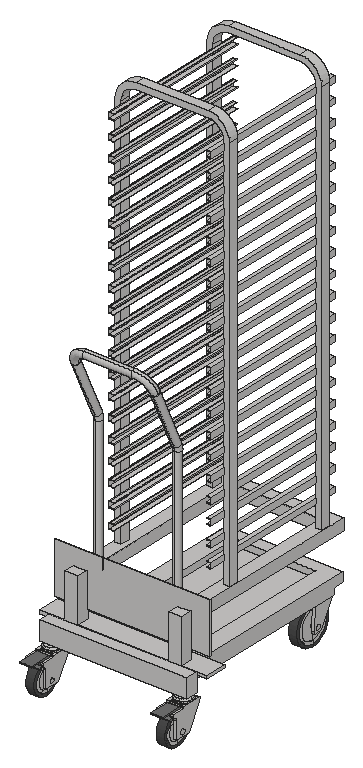
Revit family "QF_ELECTROLUXPROFESSIONAL_922753_TRRA201163C", category Specialty Equipment, Revit 2018
Family settings
  Round Connector Dimension = Use Diameter
  Part Type = Normal
  Work Plane-Based = No
  Always vertical = Yes
  Cut with Voids When Loaded = No
  Shared = No
  Room Calculation Point = No
Parameters (values of type "Standard")
  Weight = 46.00 kg
  Watts = 0 W
  Volts = 0 V
  URL Manufacturer = "http://professional.electrolux.com"
  URL = "http://professional.electrolux.com"
  Steam Supply Size = 0 mm
  Steam Supply Minimum Pressure = 0.0 Pa
  Steam Supply Maximum Pressure = 0.0 Pa
  Steam Pounds per Hour = 0
  Refrigeration Suction Line Size = 0 mm
  Refrigeration Liquid Line Size = 0 mm
  Refrigerant Compressor Remote = yes
  Manufacturer = "Electrolux Professional"
  Phase = 0
  Model = "TRRA201163C"
  Length Actual = 545.0 mm  # constant formula
  Item Number = "922753"
  Hot Water Size = 0 mm
  Height Actual = 1700.0 mm  # constant formula
  HP = "0 HP"
  Gas Size = 0 mm
  Gas KW = 0
  Gas Input Pressure = 0 W
  Description = "TROLLEY TRAY RACK 20 GN 1/1 - 63MM PITCH"
  Depth Actual = 790.0 mm  # constant formula
  Cycle = 0 Hz
  Condensate Return Size = 0 mm
  Compressed Air Volume = 0.0 L/s
  Compressed Air Size = 0 mm
  Compressed Air Pressure = 0.0 Pa
  Cold Water Size = 0 mm
  Accessory = yes
Reference planes
  plane 1 "Center (Front/Back)": y = 0
  plane 2: z = 0
  plane 3 "Center (Left/Right)": x = 0
  plane 4 "BASE": z = 125
  plane 5 "TOP": z = 1700
  plane 6 "FRONT": y = -505.5
  plane 7 "BACK": y = 282.5
  plane 8 "PLANE": z = 160
  plane 9 "Manopola": through (4267.2, -378.699, 921.588) normal (0, 0.9063, 0.4226)
  plane 10 "Accessorioes": z = 647
  plane 11 "M1": y = 212.505
  plane 12 "M2": y = -161.495
  plane 13: z = 1044
  plane 14 "man1": x = -128.996
  plane 15 "man2": x = 128.996
  plane 16: y = -439.495
  plane 17: y = 180.505
  plane 18: x = -272
  plane 19: x = 272
  plane 20: y = 72.905
  plane 21: x = -212.5
  plane 22: x = 212.5
Forms (mm)
  Sweep 1, solid, material "QF_Finishes_Stainless Steel"
    path origin (0, -51.81, 222.029) x (0, -0.422618, 0.906308) y (1, 0, 0)
      loop
        line (840.501, 128.996) -> (843.657, 128.996)
        arc (843.657, 128.996) -> (879.012, 114.351) -> (893.657, 78.996) r 50
        line (893.657, 78.996) -> (893.657, -78.996)
        arc (893.657, -78.996) -> (879.012, -114.351) -> (843.657, -128.996) r 50
        line (843.657, -128.996) -> (840.501, -128.996)
    profile origin (0, -429.485, 1031.957) x (0, -0.422618, 0.906308) y (0, 0.906308, 0.422618)
      loop
        circle (0, -0.616) r 12
  Extrusion 2, solid, material "QF_Finishes_Stainless Steel"
    sketch origin (0, 0, 0) x (0, 1, 0) y (0, 0, 1)
      loop
        line (-375.959, 195.424) -> (-415.959, 195.424) -> (-415.959, 133.5) -> (-375.959, 133.5) -> (-375.959, 195.424)
    from -240.004 to 239.996
  Extrusion 3, solid, material "QF_Finishes_Stainless Steel"
    sketch origin (0, 0, 160) x (0, 1, 0) y (-1, 0, 0)
      loop
        line (-375.959, -188.97) -> (-335.959, -188.97) -> (-335.959, -149.246) -> (-375.959, -149.246) -> (-375.959, -188.97)
      loop
        line (-375.959, 189.004) -> (-375.959, 149.004) -> (-335.959, 149.004) -> (-335.959, 189.004) -> (-375.959, 189.004)
    from 21 to 178
  Extrusion 4, solid, material "QF_Finishes_Stainless Steel"
    sketch origin (0, 0, 160) x (0, 1, 0) y (-1, 0, 0)
      loop
        line (282.5, -149.246) -> (-334.855, -149.246) -> (-334.855, -188.97) -> (282.5, -188.97) -> (282.5, -149.246)
      loop
        line (282.5, 149.004) -> (282.5, 189.004) -> (-335.959, 189.004) -> (-335.959, 149.004) -> (282.5, 149.004)
    from 139.5 to 178
  Extrusion 5, solid, material "QF_Finishes_Stainless Steel"
    sketch origin (115.511, 0, 0) x (0, 1, 0) y (0, 0, -1)
      loop
        line (281.005, -150.5) -> (250.291, -150.5)
        spline (250.291, -150.5) -> (249.645, -150.457) -> (249.01, -150.329) -> (248.397, -150.118) -> (247.817, -149.828) -> (247.279, -149.464) -> (246.792, -149.031) -> (246.366, -148.538) -> (246.007, -147.993) -> (245.722, -147.405) -> (245.515, -146.784) -> (245.39, -146.141) -> (245.349, -145.488)
        line (245.349, -145.488) -> (245.349, -134.506)
        spline (245.349, -134.506) -> (245.308, -133.853) -> (245.182, -133.211) -> (244.975, -132.591) -> (244.69, -132.004) -> (244.331, -131.459) -> (243.904, -130.967) -> (243.418, -130.535) -> (242.881, -130.171) -> (242.301, -129.881) -> (241.688, -129.671) -> (241.054, -129.543) -> (240.408, -129.5)
        line (240.408, -129.5) -> (-375.959, -129.5) -> (-375.959, -181) -> (281.005, -181) -> (281.005, -150.5)
    from 304.516 to 247.5
  Extrusion 6, solid, material "QF_Finishes_Stainless Steel"
    sketch origin (0, 0, 0) x (0, 1, 0) y (0, 0, 1)
      loop
        line (242.5, 299.5) -> (282.5, 299.5) -> (282.5, 338) -> (242.5, 338) -> (242.5, 299.5)
    from -189.004 to 188.996
  Sweep 7, solid, material "QF_Finishes_Stainless Steel"
    path origin (-128.996, 0, -8) x (0, 1, 0) y (0, 0, 1)
      loop
        line (-407.579, 991.521) -> (-320.757, 805.332)
        arc (-320.757, 805.332) -> (-317.538, 795.848) -> (-316.447, 785.891) r 46
        line (-316.447, 785.891) -> (-316.447, 346)
    profile origin (-128.996, -364.168, 890.426) x (0, 0.906308, 0.422618) y (1, 0, 0)
      loop
        circle (0, 0) r 12
  Sweep 8, solid, material "QF_Finishes_Stainless Steel"
    path origin (128.996, 0, -8) x (0, 1, 0) y (0, 0, 1)
      loop
        line (-407.579, 991.521) -> (-320.757, 805.332)
        arc (-320.757, 805.332) -> (-317.538, 795.848) -> (-316.447, 785.891) r 46
        line (-316.447, 785.891) -> (-316.447, 346)
    profile origin (128.996, -364.168, 890.426) x (0, 0.906308, 0.422618) y (1, 0, 0)
      loop
        circle (0, 0) r 12
  Extrusion 9, solid, material "QF_Finishes_Stainless Steel"
    sketch origin (0, -3.54, 125) x (-1, 0, 0) y (0, -1, 0)
      loop
        line (252.004, 331.46) -> (252.004, 335.959) -> (-252.004, 335.959) -> (-252.004, 331.46) -> (252.004, 331.46)
    from 102.147 to 267.893
  Extrusion 10, solid, material "QF_Finishes_Stainless Steel"
    sketch origin (0, 0, 0) x (0, 1, 0) y (0, 0, 1)
      loop
        line (-331.381, 299.5) -> (-298.959, 299.5) -> (-298.959, 338) -> (-331.381, 338) -> (-331.381, 299.5)
    from -189.004 to 188.996
  Extrusion 11, solid, material "QF_Finishes_Stainless Steel"
    sketch origin (0, 0, 125) x (-1, 0, 0) y (0, -1, 0)
      loop
        line (131.989, -281.005) -> (131.989, 375.959) -> (-131.989, 375.959) -> (-131.989, -281.005) -> (131.989, -281.005)
    from 35 to 25.5
  Sweep 12, solid, material "QF_Finishes_Stainless Steel"
    path origin (0, 212.505, 0) x (0, 0, 1) y (-1, 0, 0)
      loop
        line (338, 176.55) -> (1630, 176.55)
        arc (1630, 176.55) -> (1672.426, 158.976) -> (1690, 116.55) r 60
        line (1690, 116.55) -> (1690, -117.05)
        arc (1690, -117.05) -> (1672.426, -159.476) -> (1630, -177.05) r 60
        line (1630, -177.05) -> (338, -177.05)
    profile origin (0.25, 212.505, 1690) x (0, 0, 1) y (0, -1, 0)
      loop
        line (10, -14.995) -> (10, 14.995) -> (-10, 14.995) -> (-10, -14.995) -> (10, -14.995)
  Sweep 13, solid, material "QF_Finishes_Stainless Steel"
    path origin (0, -161.495, 0) x (0, 0, 1) y (-1, 0, 0)
      loop
        line (338, 176.55) -> (1630, 176.55)
        arc (1630, 176.55) -> (1672.426, 158.976) -> (1690, 116.55) r 60
        line (1690, 116.55) -> (1690, -117.05)
        arc (1690, -117.05) -> (1672.426, -159.476) -> (1630, -177.05) r 60
        line (1630, -177.05) -> (338, -177.05)
    profile origin (0.25, -161.495, 1690) x (0, 0, 1) y (0, -1, 0)
      loop
        line (10, -14.995) -> (10, 14.995) -> (-10, 14.995) -> (-10, -14.995) -> (10, -14.995)
  Revolve 14, solid, material "QF_Finishes_Stainless Steel"
    sketch origin (0, 0, 0) x (0, 1, 0) y (0, 0, 1)
      loop
        line (94.159, 150.5) -> (72.905, 150.5) -> (72.905, 87.019) -> (85.159, 87.019) -> (85.159, 111.019) -> (94.159, 127.019) -> (94.159, 150.5)
      axis (72.905, 150.5) -> (72.905, 87.019)
    angle from 0 to 360
  Extrusion 15, solid, material "QF_Finishes_Stainless Steel"
    sketch origin (-115.511, 0, 0) x (0, 1, 0) y (0, 0, 1)
      loop
        line (281.005, 150.5) -> (281.005, 181) -> (-375.959, 181) -> (-375.959, 129.5) -> (240.408, 129.5)
        spline (240.408, 129.5) -> (241.054, 129.543) -> (241.688, 129.671) -> (242.301, 129.881) -> (242.881, 130.171) -> (243.418, 130.535) -> (243.904, 130.967) -> (244.331, 131.459) -> (244.69, 132.004) -> (244.975, 132.591) -> (245.182, 133.211) -> (245.308, 133.853) -> (245.349, 134.506)
        line (245.349, 134.506) -> (245.349, 145.488)
        spline (245.349, 145.488) -> (245.39, 146.141) -> (245.515, 146.784) -> (245.722, 147.405) -> (246.007, 147.993) -> (246.366, 148.538) -> (246.792, 149.031) -> (247.279, 149.464) -> (247.817, 149.828) -> (248.397, 150.118) -> (249.01, 150.329) -> (249.645, 150.457) -> (250.291, 150.5)
        line (250.291, 150.5) -> (281.005, 150.5)
    from 304.481 to 247.5
  Extrusion 16, solid, material "QF_Finishes_Stainless Steel"
    sketch origin (0, 0, 0) x (0, 1, 0) y (0, 0, 1)
      loop
        line (281.005, 160) -> (281.005, 181) -> (242.5, 181) -> (242.5, 160) -> (281.005, 160)
    from -131.989 to 131.989
  Extrusion 17, void
    sketch origin (0, 0, 125) x (-1, 0, 0) y (0, -1, 0)
      loop
        circle (0, -72.905) r 21.25
    from 10 to 35
  Extrusion 18, solid, material "QF_Finishes_Stainless Steel"
    sketch origin (0, 0, 0) x (0, 1, 0) y (0, 0, 1)
      loop
        line (-303.216, 195.424) -> (-375.959, 195.424) -> (-375.959, 185.203) -> (-303.216, 185.203) -> (-303.216, 195.424)
    from -272 to 272
Cuts and joins
  joined: Sweep 1, Sweep 7, Sweep 8
  joined: Extrusion 3, Extrusion 9, Extrusion 18
  joined: Extrusion 4, Extrusion 6, Extrusion 10
  Extrusion 17 cuts Extrusion 11
  joined: Extrusion 5, Extrusion 11, Extrusion 15, Extrusion 16
Lines and regions (mm)
  symbolic lines
    curve 1: line (193.496, -471.06, 125) -> (183.973, -471.06, 125)
    curve 2: line (183.973, -471.06, 125) -> (183.973, -415.959, 125)
    curve 3: line (193.496, -417.738, 125) -> (193.496, -505.5, 125)
    curve 4: line (193.496, -505.5, 125) -> (231.496, -505.5, 125)
    curve 5: line (231.496, -505.5, 125) -> (231.496, -417.738, 125)
    curve 6: line (183.973, -430.06, 125) -> (241.018, -430.06, 125)
    curve 7: line (193.496, -435.203, 125) -> (231.496, -435.203, 125)
    curve 8: line (241.018, -433, 125) -> (244.466, -433, 125)
    curve 9: line (244.466, -433, 125) -> (244.466, -445.99, 125)
    curve 10: line (244.466, -445.99, 125) -> (241.018, -445.99, 125)
    curve 11: line (244.466, -439.495, 125) -> (241.018, -439.495, 125)
    curve 12: line (183.973, -433, 125) -> (180.525, -433, 125)
    curve 13: line (180.525, -433, 125) -> (180.525, -445.99, 125)
    curve 14: line (180.525, -445.99, 125) -> (183.973, -445.99, 125)
    curve 15: line (180.525, -439.495, 125) -> (183.973, -439.495, 125)
    curve 16: line (241.018, -375.959, 125) -> (241.018, -367.995, 125)
    curve 17: line (241.018, -367.995, 125) -> (188.97, -367.995, 125)
    curve 18: line (193.496, -367.995, 125) -> (193.496, -375.253, 125)
    curve 19: line (231.496, -367.995, 125) -> (231.496, -375.253, 125)
    curve 20: arc (232.257, -375.959, 125) -> (212.496, -367.995, 125) -> (192.734, -375.959, 125) r 28.5
    curve 21: arc (191.677, -415.959, 125) -> (212.496, -424.995, 125) -> (233.314, -415.959, 125) r 28.5
    curve 22: line (231.496, -471.215, 125) -> (241.018, -471.215, 125)
    curve 23: line (241.018, -471.215, 125) -> (241.018, -415.959, 125)
    curve 24: line (-193.39, -471.06, 125) -> (-183.867, -471.06, 125)
    curve 25: line (-183.867, -471.06, 125) -> (-183.867, -415.959, 125)
    curve 26: line (-193.39, -419.32, 125) -> (-193.39, -505.5, 125)
    curve 27: line (-193.39, -505.5, 125) -> (-231.619, -505.5, 125)
    curve 28: line (-231.619, -505.5, 125) -> (-231.619, -418.963, 125)
    curve 29: line (-183.867, -430.06, 125) -> (-241.141, -430.06, 125)
    curve 30: line (-193.39, -435.203, 125) -> (-231.619, -435.203, 125)
    curve 31: line (-241.141, -433, 125) -> (-244.589, -433, 125)
    curve 32: line (-244.589, -433, 125) -> (-244.589, -445.99, 125)
    curve 33: line (-244.589, -445.99, 125) -> (-241.141, -445.99, 125)
    curve 34: line (-244.589, -439.495, 125) -> (-241.141, -439.495, 125)
    curve 35: line (-183.867, -433, 125) -> (-180.42, -433, 125)
    curve 36: line (-180.42, -433, 125) -> (-180.42, -445.99, 125)
    curve 37: line (-180.42, -445.99, 125) -> (-183.867, -445.99, 125)
    curve 38: line (-180.42, -439.495, 125) -> (-183.867, -439.495, 125)
    curve 39: line (-231.619, -471.215, 125) -> (-241.141, -471.215, 125)
    curve 40: line (-241.141, -471.215, 125) -> (-241.141, -415.959, 125)
    curve 41: line (272, -375.959, 125) -> (141.486, -375.959, 125)
    curve 42: line (242.496, -375.959, 125) -> (242.496, -415.959, 125)
    curve 43: line (242.496, -415.959, 125) -> (140.297, -415.959, 125)
    curve 44: arc (-116.996, -316.504, 125) -> (-128.91, -304.448, 125) -> (-140.995, -316.333, 125) r 12
    curve 45: arc (116.996, -316.504, 125) -> (128.911, -304.448, 125) -> (140.996, -316.333, 125) r 12
    curve 46: line (-241.018, -375.959, 125) -> (-241.018, -367.995, 125)
    curve 47: line (-241.018, -367.995, 125) -> (-189.004, -367.995, 125)
    curve 48: line (-193.496, -367.995, 125) -> (-193.496, -375.253, 125)
    curve 49: line (-231.496, -367.995, 125) -> (-231.496, -375.253, 125)
    curve 50: arc (-232.257, -375.959, 125) -> (-212.496, -367.995, 125) -> (-192.734, -375.959, 125) r 28.5
    curve 51: arc (-191.677, -415.959, 125) -> (-212.496, -424.995, 125) -> (-233.314, -415.959, 125) r 28.5
    curve 52: line (-242.496, -375.959, 125) -> (-242.496, -415.959, 125)
    curve 53: line (-272, -375.959, 125) -> (-140.838, -375.959, 125)
    curve 54: line (-242.496, -415.959, 125) -> (-140.168, -415.959, 125)
    curve 55: line (188.97, -335, 125) -> (188.97, 282.5, 125)
    curve 56: line (188.97, 282.5, 125) -> (-189.004, 282.5, 125)
    curve 57: line (-189.004, 282.5, 125) -> (-189.004, -335.959, 125)
    curve 58: line (-186.55, -176.49, 125) -> (187.05, -176.49, 125)
    curve 59: line (187.05, -146.5, 125) -> (-186.55, -146.5, 125)
    curve 60: line (-186.55, 197.51, 125) -> (187.05, 197.51, 125)
    curve 61: line (187.05, 227.5, 125) -> (-186.55, 227.5, 125)
    curve 62: line (-149.004, 242.5, 125) -> (149.004, 242.5, 125)
    curve 63: line (-149.004, 242.5, 125) -> (-149.004, 227.5, 125)
    curve 64: line (-131.989, 242.5, 125) -> (-131.989, 227.5, 125)
    curve 65: line (-149.004, 197.51, 125) -> (-149.004, -146.5, 125)
    curve 66: line (-131.989, 197.51, 125) -> (-131.989, -146.5, 125)
    curve 67: line (-131.989, -176.49, 125) -> (-131.989, -298.959, 125)
    curve 68: line (-131.989, -298.959, 125) -> (-148.746, -298.959, 125)
    curve 69: line (-148.746, -298.959, 125) -> (-148.746, -176.49, 125)
    curve 70: line (149.004, 242.5, 125) -> (149.004, 227.5, 125)
    curve 71: line (131.989, 242.5, 125) -> (131.989, 227.5, 125)
    curve 72: line (149.004, 197.51, 125) -> (149.004, -146.5, 125)
    curve 73: line (131.989, 197.51, 125) -> (131.989, -146.5, 125)
    curve 74: line (131.989, -176.49, 125) -> (131.989, -298.959, 125)
    curve 75: line (131.989, -298.959, 125) -> (148.746, -298.959, 125)
    curve 76: line (148.746, -298.959, 125) -> (148.746, -176.49, 125)
    curve 77: line (-186.55, 197.51, 125) -> (-186.55, 227.5, 125)
    curve 78: line (187.05, 197.51, 125) -> (187.05, 227.5, 125)
    curve 79: circle (0, 72.905, 125) r 21.25 normal (0, 0, 1)
    curve 80: line (-189.004, -339.499, 125) -> (-189.004, -375.959, 125)
    curve 81: line (-149.004, -375.959, 125) -> (-149.004, -339.499, 125)
    curve 82: line (-149.004, -335, 125) -> (-149.004, -331.381, 125)
    curve 83: line (-149.004, -331.381, 125) -> (-140.838, -331.381, 125)
    curve 84: line (-140.838, -335, 125) -> (-252.004, -335, 125)
    curve 85: line (-252.004, -335, 125) -> (-252.004, -339.499, 125)
    curve 86: line (-252.004, -339.499, 125) -> (-140.838, -339.499, 125)
    curve 87: line (149.004, -375.959, 125) -> (149.004, -339.499, 125)
    curve 88: line (149.004, -335, 125) -> (149.004, -331.381, 125)
    curve 89: line (149.004, -331.381, 125) -> (140.838, -331.381, 125)
    curve 90: line (140.838, -335, 125) -> (252.004, -335, 125)
    curve 91: line (252.004, -335, 125) -> (252.004, -339.499, 125)
    curve 92: line (252.004, -339.499, 125) -> (140.838, -339.499, 125)
    curve 93: line (-117.1, -339.499, 125) -> (117.273, -339.499, 125)
    curve 94: line (-117.1, -335, 125) -> (117.273, -335, 125)
    curve 95: line (-117.1, -331.381, 125) -> (117.273, -331.381, 125)
    curve 96: line (-117.1, -375.959, 125) -> (117.273, -375.959, 125)
    curve 97: line (-272, -303.216, 125) -> (-189.004, -303.216, 125)
    curve 98: line (-272, -303.216, 125) -> (-272, -375.959, 125)
    curve 99: line (188.97, -303.216, 125) -> (272, -303.216, 125)
    curve 100: line (272, -303.216, 125) -> (272, -375.959, 125)
    curve 101: line (-131.989, -298.959, 125) -> (131.989, -298.959, 125)
    curve 102: line (-166.493, -226.674, 125) -> (-166.493, -176.49, 125)
    curve 103: line (-152.104, -226.674, 125) -> (-152.104, -176.49, 125)
    curve 104: line (-150.504, -226.674, 125) -> (-150.504, -176.49, 125)
    curve 105: line (-150.504, 277.484, 125) -> (-166.493, 277.484, 125)
    curve 106: line (-166.493, -226.674, 125) -> (-150.504, -226.674, 125)
    curve 107: line (-166.493, 227.5, 125) -> (-166.493, 277.484, 125)
    curve 108: line (-150.504, 227.5, 125) -> (-150.504, 277.484, 125)
    curve 109: line (-152.104, 227.5, 125) -> (-152.104, 277.484, 125)
    curve 110: line (-150.504, -146.5, 125) -> (-150.504, 197.51, 125)
    curve 111: line (-152.104, -146.5, 125) -> (-152.104, 197.51, 125)
    curve 112: line (-166.493, -146.5, 125) -> (-166.493, 197.51, 125)
    curve 113: line (166.493, -226.674, 125) -> (166.493, -176.49, 125)
    curve 114: line (152.104, -226.674, 125) -> (152.104, -176.49, 125)
    curve 115: line (150.504, -226.674, 125) -> (150.504, -176.49, 125)
    curve 116: line (150.504, 277.484, 125) -> (166.493, 277.484, 125)
    curve 117: line (166.493, -226.674, 125) -> (150.504, -226.674, 125)
    curve 118: line (166.493, 227.5, 125) -> (166.493, 277.484, 125)
    curve 119: line (150.504, 227.5, 125) -> (150.504, 277.484, 125)
    curve 120: line (152.104, 227.5, 125) -> (152.104, 277.484, 125)
    curve 121: line (150.504, -146.5, 125) -> (150.504, 197.51, 125)
    curve 122: line (152.104, -146.5, 125) -> (152.104, 197.51, 125)
    curve 123: line (166.493, -146.5, 125) -> (166.493, 197.51, 125)
Dimensions and locks
  plane 4 "BASE" to level = 125.0 mm
  plane 5 "TOP" to level = 1700.0 mm  (x2)
  plane 7 "BACK" to plane 6 "FRONT" = 788.0 mm
  level to plane 5 "TOP" = 1700.0 mm
  plane 13 to level = 1044.0 mm
  plane 17 to plane 16 = 620.0 mm
  plane 18 to plane 19 = 544.0 mm
  equal spacing: plane 18, plane 3 "Center (Left/Right)", plane 19
  nested 2 to nested 4 = 314.0 mm
  nested 1 to nested 3 = 425.0 mm
  plane 21 to plane 22 = 425.0 mm
  aligned and locked: level to plane 2
Automatic sketch dimensions
  Sweep 1 sketch curve to plane 15 "man2" = 0.0 mm
  Sweep 1 sketch curve to plane 14 "man1" = 0.0 mm
  Sweep 1 sketch curve to Sweep 1 sketch curve = 0.0 mm
  plane 14 "man1" to Sweep 1 sketch curve = 50.0 mm
  Sweep 1 sketch curve to Sweep 1 sketch curve = 3.156 mm  (x2)
  Sweep 1 sketch curve to plane 9 "Manopola" = 0.0 mm
  profile plane to Sweep 1 sketch curve = 0.0 mm
  Extrusion 2 sketch curve to plane 16 = 23.536 mm
  plane 4 "BASE" to Extrusion 2 sketch curve = 8.5 mm
  Extrusion 2 sketch curve to Extrusion 2 sketch curve = 40.0 mm
  plane 8 "PLANE" to Extrusion 2 sketch curve = 35.424 mm
  Extrusion 3 sketch curve to plane 22 = 23.53 mm
  Extrusion 3 sketch curve to plane 16 = 63.536 mm  (x2)
  Extrusion 3 sketch curve to plane 14 "man1" = 20.009 mm
  Extrusion 3 sketch curve to Extrusion 3 sketch curve = 40.0 mm  (x2)
  plane 15 "man2" to Extrusion 3 sketch curve = 20.25 mm
  Extrusion 3 sketch curve to plane 21 = 23.496 mm
  Extrusion 4 sketch curve to plane 7 "BACK" = 0.0 mm  (x2)
  Extrusion 4 sketch curve to plane 22 = 23.53 mm
  Extrusion 4 sketch curve to plane 16 = 104.64 mm
  Extrusion 4 sketch curve to plane 21 = 23.496 mm
  Extrusion 4 sketch curve to plane 16 = 103.536 mm
  plane 15 "man2" to Extrusion 4 sketch curve = 20.25 mm
  Extrusion 4 sketch curve to plane 14 "man1" = 20.009 mm
  plane 8 "PLANE" to Extrusion 5 sketch curve = 21.0 mm
  Extrusion 5 sketch curve to plane 16 = 63.536 mm
  plane 4 "BASE" to Extrusion 5 sketch curve = 4.5 mm
  Extrusion 5 sketch curve to plane 11 "M1" = 27.903 mm
  Extrusion 5 sketch curve to Extrusion 5 sketch curve = 4.941 mm  (x2)
  Extrusion 5 sketch curve to plane 7 "BACK" = 1.495 mm
  Extrusion 5 sketch curve to plane 8 "PLANE" = 9.5 mm
  Extrusion 5 sketch curve to Extrusion 5 sketch curve = 5.012 mm
  Extrusion 5 sketch curve to Extrusion 5 sketch curve = 5.006 mm
  Extrusion 5 sketch curve to Extrusion 5 sketch curve = 0.0 mm  (x2)
  Extrusion 5 sketch curve to Extrusion 5 sketch curve = 0.012 mm
  Extrusion 5 sketch curve to Extrusion 5 sketch curve = 0.006 mm
  Extrusion 6 sketch curve to plane 7 "BACK" = 0.0 mm
  Extrusion 6 sketch curve to plane 11 "M1" = 29.995 mm
  plane 8 "PLANE" to Extrusion 6 sketch curve = 139.5 mm
  Extrusion 6 sketch curve to Extrusion 6 sketch curve = 38.5 mm
  Sweep 7 sketch curve to profile plane = 0.0 mm  (x2)
  Sweep 8 sketch curve to plane 15 "man2" = 0.0 mm
  Sweep 8 sketch curve to profile plane = 0.0 mm
  Extrusion 9 sketch curve to plane 19 = 19.996 mm
  Extrusion 9 sketch curve to plane 18 = 19.996 mm
  Extrusion 9 sketch curve to plane 16 = 104.495 mm
  Extrusion 9 sketch curve to Extrusion 9 sketch curve = 4.499 mm
  Extrusion 10 sketch curve to plane 16 = 108.114 mm
  Extrusion 10 sketch curve to Extrusion 10 sketch curve = 32.422 mm
  plane 8 "PLANE" to Extrusion 10 sketch curve = 139.5 mm
  Extrusion 10 sketch curve to Extrusion 10 sketch curve = 38.5 mm
  Extrusion 11 sketch curve to plane 7 "BACK" = 1.495 mm
  plane 15 "man2" to Extrusion 11 sketch curve = 2.993 mm
  Extrusion 11 sketch curve to plane 14 "man1" = 2.993 mm
  Extrusion 11 sketch curve to plane 16 = 63.536 mm
  profile plane to Sweep 12 sketch curve = 10.0 mm
  Sweep 12 sketch curve to profile plane = 10.0 mm
  Sweep 12 sketch curve to plane 11 "M1" = 14.995 mm
  plane 11 "M1" to Sweep 12 sketch curve = 14.995 mm
  profile plane to Sweep 13 sketch curve = 10.0 mm
  Sweep 13 sketch curve to profile plane = 10.0 mm
  Sweep 13 sketch curve to plane 12 "M2" = 14.995 mm
  plane 12 "M2" to Sweep 13 sketch curve = 14.995 mm
  Revolve 14 sketch curve to plane 20 = 0.0 mm  (x2)
  Revolve 14 sketch curve to Revolve 14 sketch curve = 12.254 mm
  plane 4 "BASE" to Revolve 14 sketch curve = 2.019 mm
  Revolve 14 sketch curve to Revolve 14 sketch curve = 9.0 mm
  Revolve 14 sketch curve to plane 4 "BASE" = 13.981 mm
  Revolve 14 sketch curve to Revolve 14 sketch curve = 24.0 mm
  Revolve 14 sketch curve to plane 8 "PLANE" = 9.5 mm
  Revolve 14 sketch curve to Revolve 14 sketch curve = 24.577 mm
  Revolve 14 sketch curve to Revolve 14 sketch curve = 5.5 mm
  plane 8 "PLANE" to Extrusion 15 sketch curve = 21.0 mm
  Extrusion 15 sketch curve to plane 16 = 63.536 mm
  plane 4 "BASE" to Extrusion 15 sketch curve = 4.5 mm
  Extrusion 15 sketch curve to plane 11 "M1" = 27.903 mm
  Extrusion 15 sketch curve to Extrusion 15 sketch curve = 4.941 mm  (x2)
  Extrusion 15 sketch curve to plane 7 "BACK" = 1.495 mm
  Extrusion 15 sketch curve to Extrusion 15 sketch curve = 5.006 mm
  Extrusion 15 sketch curve to Extrusion 15 sketch curve = 10.981 mm
  Extrusion 15 sketch curve to plane 8 "PLANE" = 9.5 mm
  Extrusion 15 sketch curve to Extrusion 15 sketch curve = 0.0 mm
  Extrusion 15 sketch curve to Extrusion 15 sketch curve = 0.006 mm
  Extrusion 15 sketch curve to Extrusion 15 sketch curve = 4.988 mm
  Extrusion 15 sketch curve to Extrusion 15 sketch curve = 0.012 mm
  Extrusion 16 sketch curve to plane 8 "PLANE" = 0.0 mm
  Extrusion 16 sketch curve to plane 11 "M1" = 29.995 mm
  Extrusion 16 sketch curve to plane 7 "BACK" = 1.495 mm
  plane 8 "PLANE" to Extrusion 16 sketch curve = 21.0 mm
  Extrusion 17 sketch curve to plane 3 "Center (Left/Right)" = 0.0 mm
  Extrusion 17 sketch curve to plane 20 = 0.0 mm
  Extrusion 18 sketch curve to plane 16 = 63.536 mm
  plane 4 "BASE" to Extrusion 18 sketch curve = 60.203 mm
  Extrusion 18 sketch curve to Extrusion 18 sketch curve = 72.744 mm
  plane 8 "PLANE" to Extrusion 18 sketch curve = 35.424 mm
  Sweep 12 sketch curve to plane 5 "TOP" = 70.0 mm  (x2)
  Sweep 12 sketch curve to plane 22 = 35.45 mm
  Sweep 12 sketch curve to plane 5 "TOP" = 10.0 mm
  plane 14 "man1" to Sweep 12 sketch curve = 12.446 mm
  plane 8 "PLANE" to Sweep 12 sketch curve = 178.0 mm  (x2)
  Sweep 13 sketch curve to plane 5 "TOP" = 70.0 mm  (x2)
  Sweep 13 sketch curve to plane 22 = 35.45 mm
  Sweep 13 sketch curve to plane 5 "TOP" = 10.0 mm
  plane 14 "man1" to Sweep 13 sketch curve = 12.446 mm
  plane 8 "PLANE" to Sweep 13 sketch curve = 178.0 mm  (x2)
  Sweep 7 sketch curve to plane 9 "Manopola" = 0.0 mm  (x2)
  Sweep 7 sketch curve to plane 16 = 77.048 mm
  Sweep 7 sketch curve to Sweep 7 sketch curve = 41.69 mm
  Sweep 7 sketch curve to Sweep 7 sketch curve = 4.31 mm
  Sweep 7 sketch curve to plane 16 = 31.916 mm
  plane 8 "PLANE" to Sweep 7 sketch curve = 178.0 mm
  Sweep 8 sketch curve to plane 9 "Manopola" = 0.0 mm  (x2)
  Sweep 8 sketch curve to plane 16 = 77.048 mm
  Sweep 8 sketch curve to Sweep 8 sketch curve = 41.69 mm
  Sweep 8 sketch curve to Sweep 8 sketch curve = 4.31 mm
  Sweep 8 sketch curve to plane 16 = 31.916 mm
  plane 8 "PLANE" to Sweep 8 sketch curve = 178.0 mm
  curve 20 to curve 21 = 0.0 mm  (x2)
  curve 50 to curve 51 = 0.0 mm  (x2)
  curve 100 to plane 19 = 0.0 mm
  curve 4 to plane 6 "FRONT" = 0.0 mm
  curve 55 to plane 7 "BACK" = 0.0 mm
  curve 79 to plane 3 "Center (Left/Right)" = 0.0 mm
  curve 44 to plane 14 "man1" = 0.0 mm
  curve 27 to plane 6 "FRONT" = 0.0 mm
  curve 53 to plane 18 = 0.0 mm
  curve 79 to plane 20 = 0.0 mm
  curve 91 to plane 19 = 19.996 mm
  plane 16 to curve 10 = 6.495 mm
  curve 10 to plane 19 = 27.534 mm
  curve 8 to curve 42 = 1.97 mm
  curve 9 to curve 23 = 3.448 mm
  curve 42 to curve 16 = 1.478 mm
  plane 22 to curve 4 = 18.996 mm
  curve 20 to plane 22 = 0.004 mm
  curve 3 to plane 22 = 19.004 mm
  curve 55 to plane 22 = 23.53 mm
  curve 78 to plane 22 = 25.45 mm
  curve 1 to curve 2 = 9.522 mm
  curve 12 to curve 12 = 3.448 mm
  plane 15 "man2" to curve 62 = 20.009 mm
  plane 15 "man2" to curve 89 = 20.009 mm
  plane 15 "man2" to curve 76 = 19.75 mm
  plane 15 "man2" to curve 101 = 2.993 mm
  plane 15 "man2" to curve 45 = 0.0 mm
  curve 101 to plane 14 "man1" = 2.993 mm
  curve 67 to curve 68 = 16.757 mm
  curve 62 to plane 14 "man1" = 20.009 mm
  curve 82 to plane 14 "man1" = 20.009 mm
  plane 16 to curve 36 = 6.495 mm
  curve 36 to plane 21 = 32.08 mm
  curve 36 to curve 24 = 3.448 mm
  curve 61 to plane 21 = 25.95 mm
  curve 56 to plane 21 = 23.496 mm
  curve 27 to plane 21 = 19.11 mm
  curve 51 to plane 21 = 0.004 mm
  plane 21 to curve 27 = 19.119 mm
  plane 21 to curve 46 = 28.518 mm
  curve 39 to curve 40 = 9.522 mm
  curve 40 to curve 52 = 1.354 mm
  curve 31 to curve 32 = 3.448 mm
  curve 84 to plane 18 = 19.996 mm
  curve 70 to plane 11 "M1" = 29.995 mm
  curve 61 to plane 11 "M1" = 14.995 mm
  plane 11 "M1" to curve 60 = 14.995 mm
  plane 12 "M2" to curve 76 = 137.464 mm
  curve 68 to curve 97 = 4.256 mm
  curve 75 to curve 100 = 4.256 mm
  curve 74 to curve 45 = 17.488 mm
  curve 67 to curve 44 = 17.488 mm
  curve 45 to curve 88 = 14.934 mm
  curve 44 to curve 83 = 14.934 mm
  curve 97 to curve 85 = 31.784 mm
  curve 99 to curve 90 = 31.784 mm
  curve 90 to curve 92 = 4.499 mm
  curve 84 to curve 85 = 4.499 mm
  curve 85 to curve 46 = 28.496 mm
  curve 91 to curve 17 = 28.496 mm
  curve 46 to curve 53 = 7.964 mm
  curve 16 to curve 100 = 7.964 mm
  curve 20 to curve 21 = 20.536 mm
  curve 50 to curve 50 = 20.536 mm
  curve 52 to plane 16 = 23.536 mm
  curve 43 to plane 16 = 23.536 mm
  curve 8 to plane 16 = 6.495 mm
  curve 32 to plane 16 = 6.495 mm
  curve 36 to plane 16 = 6.495 mm
  curve 12 to plane 16 = 6.495 mm
  plane 16 to curve 32 = 6.495 mm
  plane 16 to curve 14 = 6.495 mm
  curve 14 to curve 2 = 25.07 mm
  curve 37 to curve 25 = 25.07 mm
  curve 10 to curve 22 = 25.224 mm
  curve 33 to curve 40 = 25.224 mm
  curve 21 to curve 5 = 1.818 mm
  curve 16 to curve 20 = 8.761 mm
  curve 20 to curve 19 = 0.762 mm
  curve 18 to curve 20 = 0.762 mm
  curve 18 to curve 17 = 4.525 mm
  curve 59 to plane 22 = 25.45 mm
  curve 58 to plane 22 = 25.45 mm
  curve 87 to curve 88 = 0.0 mm
  plane 15 "man2" to curve 72 = 20.009 mm
  curve 87 to curve 41 = 7.519 mm
  plane 15 "man2" to curve 45 = 12.0 mm
  curve 88 to curve 90 = 8.166 mm
  curve 92 to curve 90 = 0.0 mm
  curve 89 to curve 90 = 0.0 mm
  plane 15 "man2" to curve 43 = 11.301 mm
  plane 15 "man2" to curve 73 = 2.993 mm
  plane 15 "man2" to curve 71 = 2.993 mm
  curve 95 to plane 15 "man2" = 11.722 mm
  curve 96 to plane 15 "man2" = 11.722 mm
  curve 94 to curve 95 = 0.0 mm
  curve 93 to curve 94 = 0.0 mm  (x2)
  curve 45 to plane 15 "man2" = 11.999 mm
  plane 14 "man1" to curve 44 = 12.0 mm
  plane 14 "man1" to curve 94 = 11.896 mm
  plane 14 "man1" to curve 96 = 11.896 mm
  curve 95 to curve 94 = 0.0 mm
  curve 64 to plane 14 "man1" = 2.993 mm
  curve 66 to plane 14 "man1" = 2.993 mm
  curve 54 to plane 14 "man1" = 11.172 mm
  curve 84 to curve 82 = 8.166 mm
  curve 83 to curve 84 = 0.0 mm
  curve 53 to plane 14 "man1" = 11.843 mm
  curve 86 to curve 84 = 0.0 mm
  curve 44 to plane 14 "man1" = 11.999 mm
  curve 53 to curve 81 = 8.166 mm
  curve 66 to curve 65 = 17.016 mm
  curve 58 to plane 21 = 25.95 mm
  curve 59 to plane 21 = 25.95 mm
  curve 47 to plane 21 = 23.496 mm
  curve 51 to curve 26 = 1.712 mm
  curve 80 to curve 50 = 3.73 mm
  curve 50 to curve 48 = 0.762 mm
  curve 49 to curve 50 = 0.762 mm
  curve 59 to plane 12 "M2" = 14.995 mm
  plane 12 "M2" to curve 69 = 14.995 mm
  curve 45 to curve 45 = 0.115 mm
  curve 44 to curve 44 = 0.115 mm
  curve 44 to curve 95 = 14.877 mm
  curve 95 to curve 94 = 3.619 mm
  curve 57 to curve 80 = 3.54 mm
  curve 94 to curve 93 = 4.499 mm
  curve 96 to curve 41 = 0.0 mm
  curve 51 to curve 28 = 3.004 mm
  curve 51 to curve 26 = 3.361 mm
  curve 6 to curve 12 = 2.94 mm
  curve 29 to curve 35 = 2.94 mm
  curve 30 to plane 16 = 4.292 mm
  curve 7 to plane 16 = 4.292 mm
  curve 15 to plane 16 = 0.0 mm
  curve 11 to plane 16 = 0.0 mm
  curve 34 to plane 16 = 0.0 mm
  curve 38 to plane 16 = 0.0 mm
  plane 15 "man2" to curve 113 = 37.497 mm
  curve 118 to plane 7 "BACK" = 5.016 mm
  plane 15 "man2" to curve 118 = 37.497 mm
  curve 113 to curve 115 = 15.988 mm
  curve 116 to curve 116 = 15.988 mm
  plane 12 "M2" to curve 117 = 65.179 mm
  curve 123 to curve 113 = 0.0 mm
  curve 114 to curve 115 = 1.599 mm
  curve 123 to curve 122 = 14.389 mm
  curve 120 to curve 116 = 1.599 mm
  curve 122 to curve 121 = 1.599 mm
  curve 118 to plane 11 "M1" = 14.995 mm
  curve 119 to plane 11 "M1" = 14.995 mm
  curve 119 to curve 120 = 0.0 mm
  plane 11 "M1" to curve 123 = 14.995 mm
  curve 122 to curve 123 = 0.0 mm  (x2)
  curve 121 to curve 122 = 0.0 mm  (x2)
  curve 121 to plane 12 "M2" = 14.995 mm
  plane 12 "M2" to curve 114 = 14.995 mm
  curve 115 to curve 114 = 0.0 mm
  curve 114 to curve 113 = 0.0 mm
  radius of Sweep 1 sketch curve = 12.0 mm
  radius of Sweep 7 sketch curve = 12.0 mm
  radius of Sweep 8 sketch curve = 12.0 mm
  radius of Extrusion 17 sketch curve = 21.25 mm
  radius of curve 79 = 21.25 mm
Nested families
  nested 1: "COOKCHILL_WHEEL125_LOCKED" at (212.496, -383.845, 0) x (-1, 0, 0) z (0, 0, 1), type "COOKCHILL_WHEEL125_LOCKED"
    with Type Mark "", Status "", Specification by User "", Revision Code "", Item Number "", Installed By "", Identify Quantity as Lot yes, Furnished By "", Foodservice Equipment Identifier yes
  nested 2: "COOKCHILL_WHEEL125" at (157, 236.155, 0) x (-1, 0, 0) z (0, 0, 1), type "COOKCHILL_WHEEL125"
    with Type Mark "", Status "", Specification by User "", Revision Code "", Item Number "", Installed By "", Identify Quantity as Lot yes, Furnished By "", Foodservice Equipment Identifier yes
  nested 3: "COOKCHILL_WHEEL125_LOCKED" at (-212.504, -383.845, 0), type "COOKCHILL_WHEEL125_LOCKED"
    with Type Mark "", Status "", Specification by User "", Revision Code "", Item Number "", Installed By "", Identify Quantity as Lot yes, Furnished By "", Foodservice Equipment Identifier yes
  nested 4: "COOKCHILL_WHEEL125" at (-157, 236.155, 0), type "COOKCHILL_WHEEL125"
    with Type Mark "", Status "", Specification by User "", Revision Code "", Item Number "", Installed By "", Identify Quantity as Lot yes, Furnished By "", Foodservice Equipment Identifier yes
  nested 5: "QF_ELECTROLUXPROFESSIONAL_92275x_504_PROFILE" at (-166.504, 25.505, 1.499), type "QF_ELECTROLUXPROFESSIONAL_92275x_504_PROFILE"
  nested 6: "QF_ELECTROLUXPROFESSIONAL_92275x_504_PROFILE" at (166.504, 25.505, 1.499) x (-1, 0, 0) z (0, 0, 1), type "QF_ELECTROLUXPROFESSIONAL_92275x_504_PROFILE"
  nested 7: "QF_ELECTROLUXPROFESSIONAL_92275x_504_PROFILE" at (-166.504, 25.505, -61.481), type "QF_ELECTROLUXPROFESSIONAL_92275x_504_PROFILE"
  nested 8: "QF_ELECTROLUXPROFESSIONAL_92275x_504_PROFILE" at (166.504, 25.505, -61.481) x (-1, 0, 0) z (0, 0, 1), type "QF_ELECTROLUXPROFESSIONAL_92275x_504_PROFILE"
  nested 9: "QF_ELECTROLUXPROFESSIONAL_92275x_504_PROFILE" at (-166.504, 25.505, -124.461), type "QF_ELECTROLUXPROFESSIONAL_92275x_504_PROFILE"
  nested 10: "QF_ELECTROLUXPROFESSIONAL_92275x_504_PROFILE" at (166.504, 25.505, -124.461) x (-1, 0, 0) z (0, 0, 1), type "QF_ELECTROLUXPROFESSIONAL_92275x_504_PROFILE"
  nested 11: "QF_ELECTROLUXPROFESSIONAL_92275x_504_PROFILE" at (-166.504, 25.505, -187.44), type "QF_ELECTROLUXPROFESSIONAL_92275x_504_PROFILE"
  nested 12: "QF_ELECTROLUXPROFESSIONAL_92275x_504_PROFILE" at (166.504, 25.505, -187.44) x (-1, 0, 0) z (0, 0, 1), type "QF_ELECTROLUXPROFESSIONAL_92275x_504_PROFILE"
  nested 13: "QF_ELECTROLUXPROFESSIONAL_92275x_504_PROFILE" at (-166.504, 25.505, -250.42), type "QF_ELECTROLUXPROFESSIONAL_92275x_504_PROFILE"
  nested 14: "QF_ELECTROLUXPROFESSIONAL_92275x_504_PROFILE" at (166.504, 25.505, -250.42) x (-1, 0, 0) z (0, 0, 1), type "QF_ELECTROLUXPROFESSIONAL_92275x_504_PROFILE"
  nested 15: "QF_ELECTROLUXPROFESSIONAL_92275x_504_PROFILE" at (-166.504, 25.505, -313.4), type "QF_ELECTROLUXPROFESSIONAL_92275x_504_PROFILE"
  nested 16: "QF_ELECTROLUXPROFESSIONAL_92275x_504_PROFILE" at (166.504, 25.505, -313.4) x (-1, 0, 0) z (0, 0, 1), type "QF_ELECTROLUXPROFESSIONAL_92275x_504_PROFILE"
  nested 17: "QF_ELECTROLUXPROFESSIONAL_92275x_504_PROFILE" at (-166.504, 25.505, -376.38), type "QF_ELECTROLUXPROFESSIONAL_92275x_504_PROFILE"
  nested 18: "QF_ELECTROLUXPROFESSIONAL_92275x_504_PROFILE" at (166.504, 25.505, -376.38) x (-1, 0, 0) z (0, 0, 1), type "QF_ELECTROLUXPROFESSIONAL_92275x_504_PROFILE"
  nested 19: "QF_ELECTROLUXPROFESSIONAL_92275x_504_PROFILE" at (-166.504, 25.505, -439.36), type "QF_ELECTROLUXPROFESSIONAL_92275x_504_PROFILE"
  nested 20: "QF_ELECTROLUXPROFESSIONAL_92275x_504_PROFILE" at (166.504, 25.505, -439.36) x (-1, 0, 0) z (0, 0, 1), type "QF_ELECTROLUXPROFESSIONAL_92275x_504_PROFILE"
  nested 21: "QF_ELECTROLUXPROFESSIONAL_92275x_504_PROFILE" at (-166.504, 25.505, -502.339), type "QF_ELECTROLUXPROFESSIONAL_92275x_504_PROFILE"
  nested 22: "QF_ELECTROLUXPROFESSIONAL_92275x_504_PROFILE" at (166.504, 25.505, -502.339) x (-1, 0, 0) z (0, 0, 1), type "QF_ELECTROLUXPROFESSIONAL_92275x_504_PROFILE"
  nested 23: "QF_ELECTROLUXPROFESSIONAL_92275x_504_PROFILE" at (-166.504, 25.505, -565.319), type "QF_ELECTROLUXPROFESSIONAL_92275x_504_PROFILE"
  nested 24: "QF_ELECTROLUXPROFESSIONAL_92275x_504_PROFILE" at (166.504, 25.505, -565.319) x (-1, 0, 0) z (0, 0, 1), type "QF_ELECTROLUXPROFESSIONAL_92275x_504_PROFILE"
  nested 25: "QF_ELECTROLUXPROFESSIONAL_92275x_504_PROFILE" at (-166.504, 25.505, -628.299), type "QF_ELECTROLUXPROFESSIONAL_92275x_504_PROFILE"
  nested 26: "QF_ELECTROLUXPROFESSIONAL_92275x_504_PROFILE" at (166.504, 25.505, -628.299) x (-1, 0, 0) z (0, 0, 1), type "QF_ELECTROLUXPROFESSIONAL_92275x_504_PROFILE"
  nested 27: "QF_ELECTROLUXPROFESSIONAL_92275x_504_PROFILE" at (-166.504, 25.505, -691.279), type "QF_ELECTROLUXPROFESSIONAL_92275x_504_PROFILE"
  nested 28: "QF_ELECTROLUXPROFESSIONAL_92275x_504_PROFILE" at (166.504, 25.505, -691.279) x (-1, 0, 0) z (0, 0, 1), type "QF_ELECTROLUXPROFESSIONAL_92275x_504_PROFILE"
  nested 29: "QF_ELECTROLUXPROFESSIONAL_92275x_504_PROFILE" at (-166.504, 25.505, -754.259), type "QF_ELECTROLUXPROFESSIONAL_92275x_504_PROFILE"
  nested 30: "QF_ELECTROLUXPROFESSIONAL_92275x_504_PROFILE" at (166.504, 25.505, -754.259) x (-1, 0, 0) z (0, 0, 1), type "QF_ELECTROLUXPROFESSIONAL_92275x_504_PROFILE"
  nested 31: "QF_ELECTROLUXPROFESSIONAL_92275x_504_PROFILE" at (-166.504, 25.505, -817.239), type "QF_ELECTROLUXPROFESSIONAL_92275x_504_PROFILE"
  nested 32: "QF_ELECTROLUXPROFESSIONAL_92275x_504_PROFILE" at (166.504, 25.505, -817.239) x (-1, 0, 0) z (0, 0, 1), type "QF_ELECTROLUXPROFESSIONAL_92275x_504_PROFILE"
  nested 33: "QF_ELECTROLUXPROFESSIONAL_92275x_504_PROFILE" at (-166.504, 25.505, -880.219), type "QF_ELECTROLUXPROFESSIONAL_92275x_504_PROFILE"
  nested 34: "QF_ELECTROLUXPROFESSIONAL_92275x_504_PROFILE" at (166.504, 25.505, -880.219) x (-1, 0, 0) z (0, 0, 1), type "QF_ELECTROLUXPROFESSIONAL_92275x_504_PROFILE"
  nested 35: "QF_ELECTROLUXPROFESSIONAL_92275x_504_PROFILE" at (-166.504, 25.505, -943.198), type "QF_ELECTROLUXPROFESSIONAL_92275x_504_PROFILE"
  nested 36: "QF_ELECTROLUXPROFESSIONAL_92275x_504_PROFILE" at (166.504, 25.505, -943.198) x (-1, 0, 0) z (0, 0, 1), type "QF_ELECTROLUXPROFESSIONAL_92275x_504_PROFILE"
  nested 37: "QF_ELECTROLUXPROFESSIONAL_92275x_504_PROFILE" at (-166.504, 25.505, -1006.178), type "QF_ELECTROLUXPROFESSIONAL_92275x_504_PROFILE"
  nested 38: "QF_ELECTROLUXPROFESSIONAL_92275x_504_PROFILE" at (166.504, 25.505, -1006.178) x (-1, 0, 0) z (0, 0, 1), type "QF_ELECTROLUXPROFESSIONAL_92275x_504_PROFILE"
  nested 39: "QF_ELECTROLUXPROFESSIONAL_92275x_504_PROFILE" at (-166.504, 25.505, -1069.158), type "QF_ELECTROLUXPROFESSIONAL_92275x_504_PROFILE"
  nested 40: "QF_ELECTROLUXPROFESSIONAL_92275x_504_PROFILE" at (166.504, 25.505, -1069.158) x (-1, 0, 0) z (0, 0, 1), type "QF_ELECTROLUXPROFESSIONAL_92275x_504_PROFILE"
  nested 41: "QF_ELECTROLUXPROFESSIONAL_92275x_504_PROFILE" at (-166.504, 25.505, -1132.137), type "QF_ELECTROLUXPROFESSIONAL_92275x_504_PROFILE"
  nested 42: "QF_ELECTROLUXPROFESSIONAL_92275x_504_PROFILE" at (166.504, 25.505, -1132.137) x (-1, 0, 0) z (0, 0, 1), type "QF_ELECTROLUXPROFESSIONAL_92275x_504_PROFILE"
  nested 43: "QF_ELECTROLUXPROFESSIONAL_92275x_504_PROFILE" at (-166.504, 25.505, -1195.118), type "QF_ELECTROLUXPROFESSIONAL_92275x_504_PROFILE"
  nested 44: "QF_ELECTROLUXPROFESSIONAL_92275x_504_PROFILE" at (166.504, 25.505, -1195.118) x (-1, 0, 0) z (0, 0, 1), type "QF_ELECTROLUXPROFESSIONAL_92275x_504_PROFILE"
Definition of nested family "COOKCHILL_WHEEL125_LOCKED"
  Parameters
    Weight = ""
    URL Manufacturer = ""
    URL Cutsheet = ""
    URL = ""
    Type Mark [instance] = ""
    Status [instance] = ""
    Specification by User [instance] = ""
    Specification by Manufacturer = ""
    Serial Number = ""
    Seismic Rating = ""
    SMACNA No = ""
    Revision Code [instance] = ""
    Omniclass Number and Title = ""
    NAFEM Spec ID Number = ""
    Model = ""
    MasterSpec. = ""
    Manufacturer = ""
    Item Number [instance] = ""
    Installed By [instance] = ""
    Identify Quantity as Lot [instance] = yes
    Furnished By [instance] = ""
    Foodservice Equipment Identifier [instance] = yes
    Description = ""
    CSI MasterFormat = ""
    CSI Master Format = ""
    Assembly Code = ""
  Reference planes
    plane 1: z = 0
    plane 2 "Center (Left/Right)": x = 0
    plane 3 "Center (Front/Back)": y = -12.65
    plane 4 "TOP": z = 132
    plane 5 "WheelAxe": y = -55.65
  Forms (mm)
    Revolve 1, solid
      sketch origin (46.04, -55.65, -25.504) x (-1, 0, 0) y (0, 0, 1)
        loop
          line (27.04, 75.504) -> (27.04, 69.833) -> (35.895, 69.833) -> (35.895, 43.185) -> (32.723, 43.185) -> (32.723, 35.185) -> (59.358, 35.185) -> (59.358, 43.185) -> (56.186, 43.185) -> (56.186, 69.833) -> (65.04, 69.833) -> (65.04, 75.504) -> (27.04, 75.504)
        axis (27.04, 75.504) -> (65.04, 75.504)
      angle from 0 to 360
    Extrusion 2, solid
      sketch origin (0, 0, 0) x (0, 1, 0) y (0, 0, 1)
        loop
          circle (-55.65, 50) r 2.845
        loop
          arc (-87.369, 104.232) -> (-80.643, 97.91) -> (-75.369, 90.335) r 44.417
          line (-75.369, 90.335) -> (-75.369, 33) -> (-27.726, 33) -> (14.85, 106.744) -> (15.85, 118) -> (-46.215, 118) -> (-46.215, 113) -> (-87.369, 113) -> (-87.369, 104.232)
      from 28.522 to 19
    Revolve 3, solid
      sketch origin (0, -12.65, 0) x (1, 0, 0) y (0, 0, 1)
        loop
          line (0, 132) -> (-20.058, 132)
          arc (-20.058, 132) -> (-22.595, 131.3) -> (-24.425, 129.41) r 5
          line (-24.425, 129.41) -> (-27.881, 123.125)
          arc (-27.881, 123.125) -> (-28.343, 121.96) -> (-28.5, 120.716) r 5
          line (-28.5, 120.716) -> (-28.5, 118) -> (0, 118) -> (0, 132)
        axis (0, 132) -> (0, 118)
      angle from 0 to 360
    Revolve 4, solid
      sketch origin (46.04, -55.65, -25.504) x (-1, 0, 0) y (0, 0, 1)
        loop
          line (59.358, 25.504) -> (59.358, 35.185) -> (32.723, 35.185) -> (32.723, 25.504) -> (59.358, 25.504)
        axis (32.723, 75.504) -> (59.358, 75.504)
      angle from 0 to 360
    Extrusion 5, solid
      sketch origin (0, 0, 0) x (0, 1, 0) y (0, 0, 1)
        loop
          circle (-55.65, 50) r 2.845
        loop
          arc (-87.369, 104.232) -> (-80.643, 97.91) -> (-75.369, 90.335) r 44.417
          line (-75.369, 90.335) -> (-75.369, 33) -> (-27.726, 33) -> (14.85, 106.744) -> (15.85, 118) -> (-46.215, 118) -> (-46.215, 113) -> (-87.369, 113) -> (-87.369, 104.232)
      from -28.522 to -19
    Extrusion 6, solid
      sketch origin (0, 0, 0) x (0, 1, 0) y (0, 0, 1)
        loop
          line (15.85, 118) -> (-46.215, 118) -> (-46.215, 113) -> (15.406, 113) -> (15.85, 118)
      from -19 to 19
    Extrusion 7, solid
      sketch origin (0, 0, 0) x (0, 1, 0) y (0, 0, 1)
        loop
          line (-62.145, 53.75) -> (-62.145, 46.25) -> (-55.65, 42.5) -> (-49.154, 46.25) -> (-49.154, 53.75) -> (-55.65, 57.5) -> (-62.145, 53.75)
      from -28.522 to -31.97
    Extrusion 8, solid
      sketch origin (0, 0, 0) x (0, 1, 0) y (0, 0, -1)
        loop
          line (-62.145, -53.75) -> (-55.65, -57.5) -> (-49.154, -53.75) -> (-49.154, -46.25) -> (-55.65, -42.5) -> (-62.145, -46.25) -> (-62.145, -53.75)
      from -28.522 to -31.97
    Extrusion 9, solid
      sketch origin (0, 0, 0) x (0, 1, 0) y (0, 0, 1)
        loop
          line (-51.358, 116) -> (-121.655, 116) -> (-121.655, 113) -> (-87.215, 113) -> (-80.875, 99.405) -> (-90.782, 92.468) -> (-89.625, 90.816) -> (-73.909, 101.821) -> (-51.358, 101.821) -> (-51.358, 116)
      from -19 to 19
  Dimensions and locks
    plane 4 "TOP" to level = 132.0 mm  (x2)
    aligned and locked: level to plane 1
Definition of nested family "COOKCHILL_WHEEL125"
  Parameters
    Weight = ""
    URL Manufacturer = ""
    URL Cutsheet = ""
    URL = ""
    Type Mark [instance] = ""
    Status [instance] = ""
    Specification by User [instance] = ""
    Specification by Manufacturer = ""
    Serial Number = ""
    Seismic Rating = ""
    SMACNA No = ""
    Revision Code [instance] = ""
    Omniclass Number and Title = ""
    NAFEM Spec ID Number = ""
    Model = ""
    MasterSpec. = ""
    Manufacturer = ""
    Item Number [instance] = ""
    Installed By [instance] = ""
    Identify Quantity as Lot [instance] = yes
    Furnished By [instance] = ""
    Foodservice Equipment Identifier [instance] = yes
    Description = ""
    CSI MasterFormat = ""
    CSI Master Format = ""
    Assembly Code = ""
  Reference planes
    plane 1: z = 0
    plane 2 "Center (Left/Right)": x = 0
    plane 3 "Center (Front/Back)": y = -12.65
    plane 4 "TOP": z = 132
    plane 5 "WheelAxe": y = -55.65
  Forms (mm)
    Revolve 1, solid
      sketch origin (46.04, -55.65, -12.333) x (-1, 0, 0) y (0, 0, 1)
        loop
          line (27.04, 75.504) -> (27.04, 69.833) -> (35.895, 69.833) -> (35.895, 30.014) -> (32.723, 30.014) -> (32.723, 22.014) -> (59.358, 22.014) -> (59.358, 30.014) -> (56.186, 30.014) -> (56.186, 69.833) -> (65.04, 69.833) -> (65.04, 75.504) -> (27.04, 75.504)
        axis (27.04, 75.504) -> (65.04, 75.504)
      angle from 0 to 360
    Extrusion 2, solid
      sketch origin (0, 0, 0) x (0, 1, 0) y (0, 0, 1)
        loop
          circle (-55.65, 63.171) r 2.845
        loop
          line (-39.273, 46) -> (12.978, 136.5) -> (-60.907, 136.5) -> (-65.484, 49.157)
          arc (-65.484, 49.157) -> (-64.671, 46.942) -> (-62.508, 46) r 3
          line (-62.508, 46) -> (-39.273, 46)
      from 28.522 to 19
    Revolve 3, solid
      sketch origin (0, -12.65, 18.5) x (1, 0, 0) y (0, 0, 1)
        loop
          line (0, 132) -> (-20.058, 132)
          arc (-20.058, 132) -> (-22.595, 131.3) -> (-24.425, 129.41) r 5
          line (-24.425, 129.41) -> (-27.881, 123.125)
          arc (-27.881, 123.125) -> (-28.343, 121.96) -> (-28.5, 120.716) r 5
          line (-28.5, 120.716) -> (-28.5, 118) -> (0, 118) -> (0, 132)
        axis (0, 132) -> (0, 118)
      angle from 0 to 360
    Revolve 4, solid
      sketch origin (46.04, -55.65, -12.333) x (-1, 0, 0) y (0, 0, 1)
        loop
          line (59.358, 12.333) -> (59.358, 22.014) -> (32.723, 22.014) -> (32.723, 12.333) -> (59.358, 12.333)
        axis (32.723, 75.504) -> (59.358, 75.504)
      angle from 0 to 360
    Extrusion 5, solid
      sketch origin (0, 0, 0) x (0, 1, 0) y (0, 0, 1)
        loop
          circle (-55.65, 63.171) r 2.845
        loop
          line (12.978, 136.5) -> (-60.907, 136.5) -> (-65.484, 49.157)
          arc (-65.484, 49.157) -> (-64.671, 46.942) -> (-62.508, 46) r 3
          line (-62.508, 46) -> (-39.273, 46) -> (12.978, 136.5)
      from -28.522 to -19
    Extrusion 6, solid
      sketch origin (0, 0, 13.171) x (0, 1, 0) y (0, 0, 1)
        loop
          line (-62.145, 53.75) -> (-62.145, 46.25) -> (-55.65, 42.5) -> (-49.154, 46.25) -> (-49.154, 53.75) -> (-55.65, 57.5) -> (-62.145, 53.75)
      from -28.522 to -31.97
    Extrusion 7, solid
      sketch origin (0, 0, 13.171) x (0, 1, 0) y (0, 0, -1)
        loop
          line (-62.145, -53.75) -> (-55.65, -57.5) -> (-49.154, -53.75) -> (-49.154, -46.25) -> (-55.65, -42.5) -> (-62.145, -46.25) -> (-62.145, -53.75)
      from -28.522 to -31.97
    Extrusion 8, solid
      sketch origin (0, 0, 0) x (0, 1, 0) y (0, 0, 1)
        loop
          line (-60.907, 136.5) -> (-61.143, 132) -> (10.38, 132) -> (12.978, 136.5) -> (-60.907, 136.5)
      from -19 to 19
  Dimensions and locks
    plane 4 "TOP" to level = 132.0 mm  (x2)
    aligned and locked: level to plane 1
Definition of nested family "QF_ELECTROLUXPROFESSIONAL_92275x_504_PROFILE"
  Parameters
    LENGHT = 504.0 mm
  Reference planes
    plane 1 "Center (Front/Back)": y = 0
    plane 2: z = 0
    plane 3 "Center (Left/Right)": x = 0
    plane 4: y = 252
    plane 5: y = -252
  Forms (mm)
    Extrusion 1, solid
      sketch origin (0, 0, 0) x (1, 0, 0) y (0, 0, 1)
        loop
          line (14.389, 1617.882) -> (0, 1617.882) -> (0, 1598.288) -> (15.988, 1598.288) -> (15.988, 1599.488) -> (1.193, 1599.488) -> (1.193, 1616.682) -> (14.389, 1616.682) -> (14.389, 1617.882)
      from -252 to 252
  Dimensions and locks
    equal spacing: plane 4, plane 1 "Center (Front/Back)", plane 5
    "LENGHT": plane 4 to plane 5
    aligned and locked: level to plane 2
    aligned and locked: plane 4 to Extrusion 1
    aligned and locked: Extrusion 1 to plane 5
  Automatic sketch dimensions
    Extrusion 1 sketch curve to plane 3 "Center (Left/Right)" = 0.0 mm
    plane 3 "Center (Left/Right)" to Extrusion 1 sketch curve = 1.193 mm
    Extrusion 1 sketch curve to Extrusion 1 sketch curve = 13.196 mm
    Extrusion 1 sketch curve to Extrusion 1 sketch curve = 14.795 mm
    level to Extrusion 1 sketch curve = 1598.288 mm
    Extrusion 1 sketch curve to Extrusion 1 sketch curve = 1.2 mm  (x2)
    Extrusion 1 sketch curve to Extrusion 1 sketch curve = 17.194 mm
